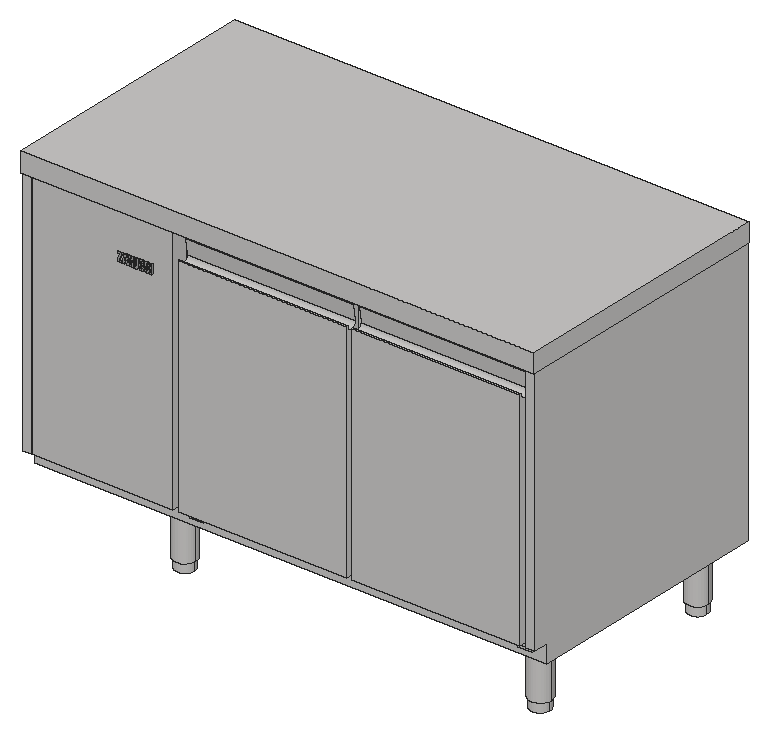
Revit family "QF_ZANUSSI_111067_ZH2KBAA", category Specialty Equipment, Revit 2018
Family settings
  Round Connector Dimension = Use Diameter
  Part Type = Normal
  Work Plane-Based = No
  Always vertical = Yes
  Cut with Voids When Loaded = No
  Shared = No
  Room Calculation Point = No
Parameters
  Weight = 0.00 kg
  Watts = 0.0455225 W
  Volts = 220 V
  URL Manufacturer = "http://www.zanussiprofessional.com/"
  URL = "http://www.zanussiprofessional.com/"
  Steam Supply Size = 0 mm
  Steam Supply Minimum Pressure = 0.0 Pa
  Steam Supply Maximum Pressure = 0.0 Pa
  Steam Pounds per Hour = 0
  Show Logo [instance] = yes
  Show Clearance [instance] = yes
  Refrigeration Suction Line Size = 0 mm
  Refrigeration Liquid Line Size = 0 mm
  Refrigerant Compressor Remote = yes
  Manufacturer = "Zanussi"
  Phase = 1
  Model = "ZH2KBAA"
  Length Actual = 1345 mm  # constant formula
  Item Number = "111067"
  Hot Water Size = 0 mm
  Height Actual = 900 mm  # constant formula
  HP = "0.7 HP"
  Gas Size = 0 mm
  Gas KW = 0
  Gas Input Pressure = 0 W
  Description = "2 DOORS FREEZER TABLE 290L"
  Depth Actual = 700 mm  # constant formula
  Cycle = 50 Hz
  Condensate Return Size = 0 mm
  Compressed Air Volume = 0.0 L/s
  Compressed Air Size = 0 mm
  Compressed Air Pressure = 0.0 Pa
  Cold Water Size = 0 mm
  Accessory = yes
Reference planes
  plane 1 "Center X": y = 182.5
  plane 2: z = 0
  plane 3 "Center Y": x = -126.5
  plane 4: y = -62.5
  plane 5: y = 451.5
  plane 6 "BACK": y = 532.5
  plane 7 "FRONT": y = -167.5
  plane 8: x = -452
  plane 9: x = 478
  plane 10: z = 150
  plane 11 "TOP": z = 900
  plane 12: z = 850
  plane 13 "LEFT": x = -797
  plane 14 "RIGHT": x = 544
  plane 15: x = -799
  plane 16: x = 546
Forms (mm)
  Extrusion 1, solid, material "QF_Finishes_Stainless Steel"
    sketch origin (-126.5, 2, 0) x (0, 1, 0) y (0, 0, 1)
      loop
        line (530.5, 150) -> (530.5, 850) -> (-124.5, 850) -> (-124.5, 150) -> (530.5, 150)
    from -670.5 to 670.5
  Extrusion 2, solid, material "QF_Finishes_Stainless Steel"
    sketch origin (-1022.223, -1524, 150) x (-1, 0, 0) y (0, -1, 0)
      loop
        line (-225.223, -1361.5) -> (-250.223, -1361.5) -> (-250.223, -1401.5) -> (-225.223, -1401.5) -> (-225.223, -1361.5)
      loop
        line (-1566.223, -1401.5) -> (-1541.223, -1401.5) -> (-1541.223, -1361.5) -> (-1566.223, -1361.5) -> (-1566.223, -1401.5)
    from 47 to 700
  Extrusion 3, solid, material "QF_Finishes_Stainless Steel"
    sketch origin (0, 0, 900) x (-1, 0, 0) y (0, -1, 0)
      loop
        circle (-57, -94.5) r 8.45
    from -790.577 to -750
  Extrusion 4, solid, material "QF_Finishes_Stainless Steel"
    sketch origin (0, 0, 0) x (1, 0, 0) y (0, 1, 0)
      loop
        circle (-713, 451.5) r 4
    from 109.423 to 150
  Extrusion 5, solid, material "QF_Finishes_Stainless Steel"
    sketch origin (-126.5, 0, 0) x (0, 1, 0) y (0, 0, 1)
      loop
        line (-167.5, 900) -> (-167.5, 850) -> (532.5, 850) -> (532.5, 900) -> (-167.5, 900)
    from 672.5 to -672.5
Cuts and joins
  joined: Extrusion 1, Extrusion 2
Lines and regions (mm)
  symbolic lines, style "SpecialityEquipmentHiddenLines"
    curve 1: line (-799, -122.5, 900) -> (546, -122.5, 900)
    curve 2: line (-396, -167.5, 900) -> (-396, -122.5, 900)
  symbolic lines, style "SpecialityEquipment"
    curve 3: line (-799, 532.5, 900) -> (546, 532.5, 900)
    curve 4: line (-799, 532.5, 900) -> (-799, -167.5, 900)
    curve 5: line (-799, -167.5, 900) -> (546, -167.5, 900)
    curve 6: line (546, -167.5, 900) -> (546, 532.5, 900)
Dimensions and locks
  locked: plane 6 "BACK" to plane 7 "FRONT" at 700
  equal spacing: plane 6 "BACK", plane 1 "Center X", plane 7 "FRONT"
  locked: plane 6 "BACK" to plane 5 at 81
  plane 10 to level = 150 mm
  plane 11 "TOP" to plane 12 to plane 10 = 50 mm locked, 700 mm locked
  locked: Extrusion 2 sketch curve to Extrusion 2 sketch curve at 25  (x2)
  locked: plane 4 to plane 7 "FRONT" at 105
  locked: plane 6 "BACK" to Extrusion 3 sketch curve at 438
  equal spacing: plane 13 "LEFT", plane 3 "Center Y", plane 14 "RIGHT"
  plane 15 to plane 16 = 1345 mm
  locked: plane 13 "LEFT" to plane 8 at 345
  locked: plane 9 to plane 14 "RIGHT" at 66
  locked: Extrusion 3 sketch curve to plane 14 "RIGHT" at 487
  plane 13 "LEFT" to Extrusion 4 sketch curve = 84 mm
  locked: plane 6 "BACK" to Extrusion 4 sketch curve at 81
  locked: plane 10 to Extrusion 4 at 40.577
  aligned and locked: level to plane 2
  aligned and locked: plane 10 to Extrusion 3
  aligned and locked: nested 4 to plane 4
  aligned and locked: nested 1 to plane 4
  aligned and locked: nested 3 to plane 5
  aligned and locked: nested 2 to plane 5
  aligned and locked: plane 8 to nested 1
  aligned and locked: plane 8 to nested 2
  aligned and locked: plane 9 to nested 4
  aligned and locked: plane 9 to nested 3
  aligned and locked: Extrusion 1 to Extrusion 2
  aligned and locked: Extrusion 2 to Extrusion 1
  aligned and locked: Extrusion 2 sketch curve to plane 14 "RIGHT"
  aligned and locked: plane 13 "LEFT" to Extrusion 2 sketch curve
  aligned and locked: cut or joined group of Extrusion 1, Extrusion 2 to plane 10
  aligned and locked: plane 12 to cut or joined group of Extrusion 1, Extrusion 2
  aligned and locked: plane 10 to Extrusion 4
  aligned and locked: Extrusion 5 sketch curve to plane 11 "TOP"
  aligned and locked: plane 7 "FRONT" to Extrusion 5 sketch curve
  aligned and locked: Extrusion 5 sketch curve to cut or joined group of Extrusion 1, Extrusion 2  (x2)
  aligned and locked: Extrusion 5 to curve 3
Automatic sketch dimensions
  plane 7 "FRONT" to Extrusion 2 sketch curve = 45 mm  (x2)
  plane 7 "FRONT" to Extrusion 2 sketch curve = 5 mm  (x2)
  curve 2 to plane 7 "FRONT" = 0 mm
  curve 5 to plane 15 = 0 mm
  curve 3 to plane 6 "BACK" = 0 mm
  plane 8 to curve 2 = 56 mm
  plane 7 "FRONT" to curve 1 = 45 mm
  Extrusion 1 sketch curve to plane 10 = 0 mm
  Extrusion 1 sketch curve to plane 12 = 0 mm
  Extrusion 1 sketch curve to plane 6 "BACK" = 0 mm
  plane 7 "FRONT" to Extrusion 1 sketch curve = 45 mm
  radius of Extrusion 3 sketch curve = 8.45 mm
  radius of Extrusion 4 sketch curve = 4 mm
Nested families
  nested 1: "Foot_Ø50_H150" at (-452, -62.5, 0), type "Foot_Ø50_H150"
  nested 2: "Foot_Ø50_H150" at (-452, 451.5, 0), type "Foot_Ø50_H150"
  nested 3: "Foot_Ø50_H150" at (478, 451.5, 0), type "Foot_Ø50_H150"
  nested 4: "Foot_Ø50_H150" at (478, -62.5, 0), type "Foot_Ø50_H150"
  nested 5: "Door" at (285, -164.5, 0), Show Clearance <- "Show Clearance", type "Door"
  nested 6: "Door" at (-169, -164.5, 0) x (-1, 0, 0) z (0, 0, 1), Show Clearance <- "Show Clearance", type "Door"
  nested 7: "Freezer" at (544, -167.5, 900), type "Freezer"
  nested 8: "ZAN_Cooling Unit" at (-587.5, -164.5, 0), Show Logo <- "Show Logo", type "ZAN_Cooling Unit"
Connectors
  electrical at (-713, 451.5, 109.423), driven by "Volts"
    settings: on Extrusion 4, index 4, voltage 220 V, apparent load 0 VA, apparent load phase1 0 VA, apparent load phase2 0 VA, apparent load phase3 0 VA, power factor 1, load classification "Altro", number of poles 1, system type 30, power factor state 1, is connector primary yes, connector utility no, sub classification motor no, connector description "Electrical Connection"
  piping at (57, 94.5, 109.423), diameter 17
    settings: on Extrusion 3, index 5, connector inside diameter 609.6 mm, connector length 0 mm, flow factor 0, pipe flow 0.0 L/s, pressure drop 0.0 Pa, fitting loss kfactor 0, connector angle 0.00°, fixture units 0, engagement length 0 mm, angle of deflection 0.00°, flow configuration 1, flow direction 2, fitting loss method 0, system type 16, joint type 0, gender type 0, connector reference index -1, connector utility 0, adjustable connector no, is connector primary yes, connector description "Drain"
Definition of nested family "Foot_Ø50_H150"
  Reference planes
    plane 1 "Centro (Fronte/Retro)": y = 0
    plane 2: z = 0
    plane 3 "Centro (Sinistra/Destra)": x = 0
    plane 4: z = 150
  Forms (mm)
    Revolve 1, solid
      sketch origin (255.05, 0, 608.09) x (0, 0, 1) y (-1, 0, 0)
        loop
          line (-608.09, 255.05) -> (-608.09, 230.05) -> (-583.09, 230.05) -> (-583.09, 226.05) -> (-458.09, 226.05) -> (-458.09, 255.05) -> (-608.09, 255.05)
        axis (-608.09, 255.05) -> (-458.09, 255.05)
      angle from 0 to 360
  Dimensions and locks
    locked: Revolve 1 sketch curve to Revolve 1 sketch curve at 125
    aligned and locked: level to plane 2
    aligned and locked: plane 4 to Revolve 1 sketch curve
    aligned and locked: Revolve 1 sketch curve to level
    aligned and locked: plane 3 "Centro (Sinistra/Destra)" to Revolve 1 sketch curve
Definition of nested family "Door"
  Parameters
    Show Clearance [instance] = yes
  Reference planes
    plane 1 "FRONT": y = -3
    plane 2: z = 0
    plane 3 "Centro (Sinistra/Destra)": x = 0
    plane 4: z = 150
    plane 5: z = 850
    plane 6: x = -234
    plane 7: x = 234
    plane 8: x = -220
    plane 9: x = 220
  Forms (mm)
    Extrusion 1, solid
      sketch origin (0, 53, 511) x (0, 0, 1) y (0, -1, 0)
        loop
          line (-323.003, 28.5) -> (-316.501, 28.5) -> (-316.501, 31) -> (-325.503, 31) -> (-325.503, 13.5) -> (-345.503, 13.5) -> (-345.503, 11) -> (-323.003, 11) -> (-323.003, 23.259) -> (-323.003, 28.5)
        loop
          line (-314, 27) -> (-316.501, 27) -> (-316.501, 18.501) -> (-319.752, 18.501) -> (-319.752, 16) -> (-314, 16) -> (-314, 27)
        loop
          line (315.003, 27) -> (315.003, 13.948) -> (315.003, 11) -> (327.503, 11) -> (327.503, 13.5) -> (317.503, 13.5) -> (317.503, 27) -> (315.003, 27)
      from 185 to 220
    Extrusion 2, solid, visible <- "Show Clearance", detail levels coarse
      sketch origin (0, 53, 511) x (0, -1, 0) y (1, 0, 0)
        loop
          line (51, 220) -> (51, -220)
          arc (51, -220) -> (339.234, -79.44) -> (454, 220) r 437.168
          line (454, 220) -> (51, 220)
      from -314 to 314
    Extrusion 3, solid
      sketch origin (0, 55, 511) x (0, 0, 1) y (0, -1, 0)
        loop
          line (314, 18) -> (314, 29) -> (274.395, 22.5)
          arc (274.395, 22.5) -> (260.395, 36.5) -> (274.395, 50.5) r 14
          line (274.395, 50.5) -> (274.395, 53) -> (-314, 53) -> (-314, 18) -> (314, 18)
      from -220 to 220
  Lines and regions (mm)
    symbolic lines
      curve 1: line (220, -3, 0) -> (220, -401, 0)
      curve 2: line (220, -401, 0) -> (185, -401, 0)
      curve 3: line (185, -401, 0) -> (185, -3, 0)
      curve 4: arc (-219.722, -3, 0) -> (-89.51, -275.368, 0) -> (185, -401, 0) r 442.855
  Dimensions and locks
    aligned and locked: level to plane 2
Definition of nested family "ZAN_Cooling Unit"
  Parameters
    Show Logo [instance] = yes
  Reference planes
    plane 1 "FRONT": y = -3
    plane 2: z = 0
    plane 3 "Centro (Sinistra/Destra)": x = 0
    plane 4: z = 150
    plane 5: z = 850
    plane 6: x = -184.5
    plane 7: x = 184.5
  Forms (mm)
    Extrusion 1, solid
      sketch origin (0, 55, 511) x (0, 0, 1) y (0, -1, 0)
        loop
          line (-314, 53) -> (-314, 13) -> (339, 13) -> (339, 53) -> (-314, 53)
      from -184.5 to 184.5
  Lines and regions (mm)
    Split face 1
      outline origin (0, 2, 197) x (0, 0, 1) y (-1, 0, 0)
        loop
          line (566.835, 184.5) -> (566.835, -184.5)
        loop
          line (521.835, 184.5) -> (521.835, -184.5)
    Split face 2
      outline origin (0, 2, 197) x (0, 0, 1) y (-1, 0, 0)
        loop
          arc (510.649, 158.547) -> (506.648, 162.548) -> (502.647, 158.547) r 4.001
          line (502.647, 158.547) -> (502.647, 116.535)
          arc (502.647, 116.535) -> (506.648, 112.533) -> (510.649, 116.535) r 4.001
          line (510.649, 116.535) -> (510.649, 158.547)
    Split face 3
      outline origin (0, 2, 184.996) x (0, 0, 1) y (-1, 0, 0)
        loop
          arc (510.649, 158.547) -> (506.648, 162.548) -> (502.647, 158.547) r 4.001
          line (502.647, 158.547) -> (502.647, 116.535)
          arc (502.647, 116.535) -> (506.648, 112.533) -> (510.649, 116.535) r 4.001
          line (510.649, 116.535) -> (510.649, 158.547)
    Split face 4
      outline origin (0, 2, 172.993) x (0, 0, 1) y (-1, 0, 0)
        loop
          arc (510.649, 158.547) -> (506.648, 162.548) -> (502.647, 158.547) r 4.001
          line (502.647, 158.547) -> (502.647, 116.535)
          arc (502.647, 116.535) -> (506.648, 112.533) -> (510.649, 116.535) r 4.001
          line (510.649, 116.535) -> (510.649, 158.547)
    Split face 5
      outline origin (0, 2, 160.989) x (0, 0, 1) y (-1, 0, 0)
        loop
          arc (510.649, 158.547) -> (506.648, 162.548) -> (502.647, 158.547) r 4.001
          line (502.647, 158.547) -> (502.647, 116.535)
          arc (502.647, 116.535) -> (506.648, 112.533) -> (510.649, 116.535) r 4.001
          line (510.649, 116.535) -> (510.649, 158.547)
    Split face 6
      outline origin (0, 2, 148.986) x (0, 0, 1) y (-1, 0, 0)
        loop
          arc (510.649, 158.547) -> (506.648, 162.548) -> (502.647, 158.547) r 4.001
          line (502.647, 158.547) -> (502.647, 116.535)
          arc (502.647, 116.535) -> (506.648, 112.533) -> (510.649, 116.535) r 4.001
          line (510.649, 116.535) -> (510.649, 158.547)
    Split face 7
      outline origin (0, 2, 136.982) x (0, 0, 1) y (-1, 0, 0)
        loop
          arc (510.649, 158.547) -> (506.648, 162.548) -> (502.647, 158.547) r 4.001
          line (502.647, 158.547) -> (502.647, 116.535)
          arc (502.647, 116.535) -> (506.648, 112.533) -> (510.649, 116.535) r 4.001
          line (510.649, 116.535) -> (510.649, 158.547)
    Split face 8
      outline origin (0, 2, 124.979) x (0, 0, 1) y (-1, 0, 0)
        loop
          arc (510.649, 158.547) -> (506.648, 162.548) -> (502.647, 158.547) r 4.001
          line (502.647, 158.547) -> (502.647, 116.535)
          arc (502.647, 116.535) -> (506.648, 112.533) -> (510.649, 116.535) r 4.001
          line (510.649, 116.535) -> (510.649, 158.547)
    Split face 9
      outline origin (0, 2, 112.975) x (0, 0, 1) y (-1, 0, 0)
        loop
          arc (510.649, 158.547) -> (506.648, 162.548) -> (502.647, 158.547) r 4.001
          line (502.647, 158.547) -> (502.647, 116.535)
          arc (502.647, 116.535) -> (506.648, 112.533) -> (510.649, 116.535) r 4.001
          line (510.649, 116.535) -> (510.649, 158.547)
    Split face 10
      outline origin (0, 2, 100.972) x (0, 0, 1) y (-1, 0, 0)
        loop
          arc (510.649, 158.547) -> (506.648, 162.548) -> (502.647, 158.547) r 4.001
          line (502.647, 158.547) -> (502.647, 116.535)
          arc (502.647, 116.535) -> (506.648, 112.533) -> (510.649, 116.535) r 4.001
          line (510.649, 116.535) -> (510.649, 158.547)
    Split face 11
      outline origin (0, 2, 88.968) x (0, 0, 1) y (-1, 0, 0)
        loop
          arc (510.649, 158.547) -> (506.648, 162.548) -> (502.647, 158.547) r 4.001
          line (502.647, 158.547) -> (502.647, 116.535)
          arc (502.647, 116.535) -> (506.648, 112.533) -> (510.649, 116.535) r 4.001
          line (510.649, 116.535) -> (510.649, 158.547)
    Split face 12
      outline origin (0, 2, 76.965) x (0, 0, 1) y (-1, 0, 0)
        loop
          arc (510.649, 158.547) -> (506.648, 162.548) -> (502.647, 158.547) r 4.001
          line (502.647, 158.547) -> (502.647, 116.535)
          arc (502.647, 116.535) -> (506.648, 112.533) -> (510.649, 116.535) r 4.001
          line (510.649, 116.535) -> (510.649, 158.547)
    Split face 13
      outline origin (0, 2, 64.961) x (0, 0, 1) y (-1, 0, 0)
        loop
          arc (510.649, 158.547) -> (506.648, 162.548) -> (502.647, 158.547) r 4.001
          line (502.647, 158.547) -> (502.647, 116.535)
          arc (502.647, 116.535) -> (506.648, 112.533) -> (510.649, 116.535) r 4.001
          line (510.649, 116.535) -> (510.649, 158.547)
    Split face 14
      outline origin (0, 2, 52.958) x (0, 0, 1) y (-1, 0, 0)
        loop
          arc (510.649, 158.547) -> (506.648, 162.548) -> (502.647, 158.547) r 4.001
          line (502.647, 158.547) -> (502.647, 116.535)
          arc (502.647, 116.535) -> (506.648, 112.533) -> (510.649, 116.535) r 4.001
          line (510.649, 116.535) -> (510.649, 158.547)
    Split face 15
      outline origin (0, 2, 40.954) x (0, 0, 1) y (-1, 0, 0)
        loop
          arc (510.649, 158.547) -> (506.648, 162.548) -> (502.647, 158.547) r 4.001
          line (502.647, 158.547) -> (502.647, 116.535)
          arc (502.647, 116.535) -> (506.648, 112.533) -> (510.649, 116.535) r 4.001
          line (510.649, 116.535) -> (510.649, 158.547)
    Split face 16
      outline origin (0, 2, 28.951) x (0, 0, 1) y (-1, 0, 0)
        loop
          arc (510.649, 158.547) -> (506.648, 162.548) -> (502.647, 158.547) r 4.001
          line (502.647, 158.547) -> (502.647, 116.535)
          arc (502.647, 116.535) -> (506.648, 112.533) -> (510.649, 116.535) r 4.001
          line (510.649, 116.535) -> (510.649, 158.547)
    Split face 17
      outline origin (0, 2, 16.947) x (0, 0, 1) y (-1, 0, 0)
        loop
          arc (510.649, 158.547) -> (506.648, 162.548) -> (502.647, 158.547) r 4.001
          line (502.647, 158.547) -> (502.647, 116.535)
          arc (502.647, 116.535) -> (506.648, 112.533) -> (510.649, 116.535) r 4.001
          line (510.649, 116.535) -> (510.649, 158.547)
    Split face 18
      outline origin (55.016, 2, 197) x (0, 0, 1) y (-1, 0, 0)
        loop
          arc (510.649, 158.547) -> (506.648, 162.548) -> (502.647, 158.547) r 4.001
          line (502.647, 158.547) -> (502.647, 116.535)
          arc (502.647, 116.535) -> (506.648, 112.533) -> (510.649, 116.535) r 4.001
          line (510.649, 116.535) -> (510.649, 158.547)
    Split face 19
      outline origin (55.016, 2, 184.996) x (0, 0, 1) y (-1, 0, 0)
        loop
          arc (510.649, 158.547) -> (506.648, 162.548) -> (502.647, 158.547) r 4.001
          line (502.647, 158.547) -> (502.647, 116.535)
          arc (502.647, 116.535) -> (506.648, 112.533) -> (510.649, 116.535) r 4.001
          line (510.649, 116.535) -> (510.649, 158.547)
    Split face 20
      outline origin (55.016, 2, 172.993) x (0, 0, 1) y (-1, 0, 0)
        loop
          arc (510.649, 158.547) -> (506.648, 162.548) -> (502.647, 158.547) r 4.001
          line (502.647, 158.547) -> (502.647, 116.535)
          arc (502.647, 116.535) -> (506.648, 112.533) -> (510.649, 116.535) r 4.001
          line (510.649, 116.535) -> (510.649, 158.547)
    Split face 21
      outline origin (55.016, 2, 160.989) x (0, 0, 1) y (-1, 0, 0)
        loop
          arc (510.649, 158.547) -> (506.648, 162.548) -> (502.647, 158.547) r 4.001
          line (502.647, 158.547) -> (502.647, 116.535)
          arc (502.647, 116.535) -> (506.648, 112.533) -> (510.649, 116.535) r 4.001
          line (510.649, 116.535) -> (510.649, 158.547)
    Split face 22
      outline origin (55.016, 2, 148.986) x (0, 0, 1) y (-1, 0, 0)
        loop
          arc (510.649, 158.547) -> (506.648, 162.548) -> (502.647, 158.547) r 4.001
          line (502.647, 158.547) -> (502.647, 116.535)
          arc (502.647, 116.535) -> (506.648, 112.533) -> (510.649, 116.535) r 4.001
          line (510.649, 116.535) -> (510.649, 158.547)
    Split face 23
      outline origin (55.016, 2, 136.982) x (0, 0, 1) y (-1, 0, 0)
        loop
          arc (510.649, 158.547) -> (506.648, 162.548) -> (502.647, 158.547) r 4.001
          line (502.647, 158.547) -> (502.647, 116.535)
          arc (502.647, 116.535) -> (506.648, 112.533) -> (510.649, 116.535) r 4.001
          line (510.649, 116.535) -> (510.649, 158.547)
    Split face 24
      outline origin (55.016, 2, 124.979) x (0, 0, 1) y (-1, 0, 0)
        loop
          arc (510.649, 158.547) -> (506.648, 162.548) -> (502.647, 158.547) r 4.001
          line (502.647, 158.547) -> (502.647, 116.535)
          arc (502.647, 116.535) -> (506.648, 112.533) -> (510.649, 116.535) r 4.001
          line (510.649, 116.535) -> (510.649, 158.547)
    Split face 25
      outline origin (55.016, 2, 112.975) x (0, 0, 1) y (-1, 0, 0)
        loop
          arc (510.649, 158.547) -> (506.648, 162.548) -> (502.647, 158.547) r 4.001
          line (502.647, 158.547) -> (502.647, 116.535)
          arc (502.647, 116.535) -> (506.648, 112.533) -> (510.649, 116.535) r 4.001
          line (510.649, 116.535) -> (510.649, 158.547)
    Split face 26
      outline origin (55.016, 2, 100.972) x (0, 0, 1) y (-1, 0, 0)
        loop
          arc (510.649, 158.547) -> (506.648, 162.548) -> (502.647, 158.547) r 4.001
          line (502.647, 158.547) -> (502.647, 116.535)
          arc (502.647, 116.535) -> (506.648, 112.533) -> (510.649, 116.535) r 4.001
          line (510.649, 116.535) -> (510.649, 158.547)
    Split face 27
      outline origin (55.016, 2, 88.968) x (0, 0, 1) y (-1, 0, 0)
        loop
          arc (510.649, 158.547) -> (506.648, 162.548) -> (502.647, 158.547) r 4.001
          line (502.647, 158.547) -> (502.647, 116.535)
          arc (502.647, 116.535) -> (506.648, 112.533) -> (510.649, 116.535) r 4.001
          line (510.649, 116.535) -> (510.649, 158.547)
    Split face 28
      outline origin (55.016, 2, 76.965) x (0, 0, 1) y (-1, 0, 0)
        loop
          arc (510.649, 158.547) -> (506.648, 162.548) -> (502.647, 158.547) r 4.001
          line (502.647, 158.547) -> (502.647, 116.535)
          arc (502.647, 116.535) -> (506.648, 112.533) -> (510.649, 116.535) r 4.001
          line (510.649, 116.535) -> (510.649, 158.547)
    Split face 29
      outline origin (55.016, 2, 64.961) x (0, 0, 1) y (-1, 0, 0)
        loop
          arc (510.649, 158.547) -> (506.648, 162.548) -> (502.647, 158.547) r 4.001
          line (502.647, 158.547) -> (502.647, 116.535)
          arc (502.647, 116.535) -> (506.648, 112.533) -> (510.649, 116.535) r 4.001
          line (510.649, 116.535) -> (510.649, 158.547)
    Split face 30
      outline origin (55.016, 2, 52.958) x (0, 0, 1) y (-1, 0, 0)
        loop
          arc (510.649, 158.547) -> (506.648, 162.548) -> (502.647, 158.547) r 4.001
          line (502.647, 158.547) -> (502.647, 116.535)
          arc (502.647, 116.535) -> (506.648, 112.533) -> (510.649, 116.535) r 4.001
          line (510.649, 116.535) -> (510.649, 158.547)
    Split face 31
      outline origin (55.016, 2, 40.954) x (0, 0, 1) y (-1, 0, 0)
        loop
          arc (510.649, 158.547) -> (506.648, 162.548) -> (502.647, 158.547) r 4.001
          line (502.647, 158.547) -> (502.647, 116.535)
          arc (502.647, 116.535) -> (506.648, 112.533) -> (510.649, 116.535) r 4.001
          line (510.649, 116.535) -> (510.649, 158.547)
    Split face 32
      outline origin (55.016, 2, 28.951) x (0, 0, 1) y (-1, 0, 0)
        loop
          arc (510.649, 158.547) -> (506.648, 162.548) -> (502.647, 158.547) r 4.001
          line (502.647, 158.547) -> (502.647, 116.535)
          arc (502.647, 116.535) -> (506.648, 112.533) -> (510.649, 116.535) r 4.001
          line (510.649, 116.535) -> (510.649, 158.547)
    Split face 33
      outline origin (55.016, 2, 16.947) x (0, 0, 1) y (-1, 0, 0)
        loop
          arc (510.649, 158.547) -> (506.648, 162.548) -> (502.647, 158.547) r 4.001
          line (502.647, 158.547) -> (502.647, 116.535)
          arc (502.647, 116.535) -> (506.648, 112.533) -> (510.649, 116.535) r 4.001
          line (510.649, 116.535) -> (510.649, 158.547)
    Split face 34
      outline origin (110.032, 2, 197) x (0, 0, 1) y (-1, 0, 0)
        loop
          arc (510.649, 158.547) -> (506.648, 162.548) -> (502.647, 158.547) r 4.001
          line (502.647, 158.547) -> (502.647, 116.535)
          arc (502.647, 116.535) -> (506.648, 112.533) -> (510.649, 116.535) r 4.001
          line (510.649, 116.535) -> (510.649, 158.547)
    Split face 35
      outline origin (110.032, 2, 184.996) x (0, 0, 1) y (-1, 0, 0)
        loop
          arc (510.649, 158.547) -> (506.648, 162.548) -> (502.647, 158.547) r 4.001
          line (502.647, 158.547) -> (502.647, 116.535)
          arc (502.647, 116.535) -> (506.648, 112.533) -> (510.649, 116.535) r 4.001
          line (510.649, 116.535) -> (510.649, 158.547)
    Split face 36
      outline origin (110.032, 2, 172.993) x (0, 0, 1) y (-1, 0, 0)
        loop
          arc (510.649, 158.547) -> (506.648, 162.548) -> (502.647, 158.547) r 4.001
          line (502.647, 158.547) -> (502.647, 116.535)
          arc (502.647, 116.535) -> (506.648, 112.533) -> (510.649, 116.535) r 4.001
          line (510.649, 116.535) -> (510.649, 158.547)
    Split face 37
      outline origin (110.032, 2, 160.989) x (0, 0, 1) y (-1, 0, 0)
        loop
          arc (510.649, 158.547) -> (506.648, 162.548) -> (502.647, 158.547) r 4.001
          line (502.647, 158.547) -> (502.647, 116.535)
          arc (502.647, 116.535) -> (506.648, 112.533) -> (510.649, 116.535) r 4.001
          line (510.649, 116.535) -> (510.649, 158.547)
    Split face 38
      outline origin (110.032, 2, 148.986) x (0, 0, 1) y (-1, 0, 0)
        loop
          arc (510.649, 158.547) -> (506.648, 162.548) -> (502.647, 158.547) r 4.001
          line (502.647, 158.547) -> (502.647, 116.535)
          arc (502.647, 116.535) -> (506.648, 112.533) -> (510.649, 116.535) r 4.001
          line (510.649, 116.535) -> (510.649, 158.547)
    Split face 39
      outline origin (110.032, 2, 136.982) x (0, 0, 1) y (-1, 0, 0)
        loop
          arc (510.649, 158.547) -> (506.648, 162.548) -> (502.647, 158.547) r 4.001
          line (502.647, 158.547) -> (502.647, 116.535)
          arc (502.647, 116.535) -> (506.648, 112.533) -> (510.649, 116.535) r 4.001
          line (510.649, 116.535) -> (510.649, 158.547)
    Split face 40
      outline origin (110.032, 2, 124.979) x (0, 0, 1) y (-1, 0, 0)
        loop
          arc (510.649, 158.547) -> (506.648, 162.548) -> (502.647, 158.547) r 4.001
          line (502.647, 158.547) -> (502.647, 116.535)
          arc (502.647, 116.535) -> (506.648, 112.533) -> (510.649, 116.535) r 4.001
          line (510.649, 116.535) -> (510.649, 158.547)
    Split face 41
      outline origin (110.032, 2, 112.975) x (0, 0, 1) y (-1, 0, 0)
        loop
          arc (510.649, 158.547) -> (506.648, 162.548) -> (502.647, 158.547) r 4.001
          line (502.647, 158.547) -> (502.647, 116.535)
          arc (502.647, 116.535) -> (506.648, 112.533) -> (510.649, 116.535) r 4.001
          line (510.649, 116.535) -> (510.649, 158.547)
    Split face 42
      outline origin (110.032, 2, 100.972) x (0, 0, 1) y (-1, 0, 0)
        loop
          arc (510.649, 158.547) -> (506.648, 162.548) -> (502.647, 158.547) r 4.001
          line (502.647, 158.547) -> (502.647, 116.535)
          arc (502.647, 116.535) -> (506.648, 112.533) -> (510.649, 116.535) r 4.001
          line (510.649, 116.535) -> (510.649, 158.547)
    Split face 43
      outline origin (110.032, 2, 88.968) x (0, 0, 1) y (-1, 0, 0)
        loop
          arc (510.649, 158.547) -> (506.648, 162.548) -> (502.647, 158.547) r 4.001
          line (502.647, 158.547) -> (502.647, 116.535)
          arc (502.647, 116.535) -> (506.648, 112.533) -> (510.649, 116.535) r 4.001
          line (510.649, 116.535) -> (510.649, 158.547)
    Split face 44
      outline origin (110.032, 2, 76.965) x (0, 0, 1) y (-1, 0, 0)
        loop
          arc (510.649, 158.547) -> (506.648, 162.548) -> (502.647, 158.547) r 4.001
          line (502.647, 158.547) -> (502.647, 116.535)
          arc (502.647, 116.535) -> (506.648, 112.533) -> (510.649, 116.535) r 4.001
          line (510.649, 116.535) -> (510.649, 158.547)
    Split face 45
      outline origin (110.032, 2, 64.961) x (0, 0, 1) y (-1, 0, 0)
        loop
          arc (510.649, 158.547) -> (506.648, 162.548) -> (502.647, 158.547) r 4.001
          line (502.647, 158.547) -> (502.647, 116.535)
          arc (502.647, 116.535) -> (506.648, 112.533) -> (510.649, 116.535) r 4.001
          line (510.649, 116.535) -> (510.649, 158.547)
    Split face 46
      outline origin (110.032, 2, 52.958) x (0, 0, 1) y (-1, 0, 0)
        loop
          arc (510.649, 158.547) -> (506.648, 162.548) -> (502.647, 158.547) r 4.001
          line (502.647, 158.547) -> (502.647, 116.535)
          arc (502.647, 116.535) -> (506.648, 112.533) -> (510.649, 116.535) r 4.001
          line (510.649, 116.535) -> (510.649, 158.547)
    Split face 47
      outline origin (110.032, 2, 40.954) x (0, 0, 1) y (-1, 0, 0)
        loop
          arc (510.649, 158.547) -> (506.648, 162.548) -> (502.647, 158.547) r 4.001
          line (502.647, 158.547) -> (502.647, 116.535)
          arc (502.647, 116.535) -> (506.648, 112.533) -> (510.649, 116.535) r 4.001
          line (510.649, 116.535) -> (510.649, 158.547)
    Split face 48
      outline origin (110.032, 2, 28.951) x (0, 0, 1) y (-1, 0, 0)
        loop
          arc (510.649, 158.547) -> (506.648, 162.548) -> (502.647, 158.547) r 4.001
          line (502.647, 158.547) -> (502.647, 116.535)
          arc (502.647, 116.535) -> (506.648, 112.533) -> (510.649, 116.535) r 4.001
          line (510.649, 116.535) -> (510.649, 158.547)
    Split face 49
      outline origin (110.032, 2, 16.947) x (0, 0, 1) y (-1, 0, 0)
        loop
          arc (510.649, 158.547) -> (506.648, 162.548) -> (502.647, 158.547) r 4.001
          line (502.647, 158.547) -> (502.647, 116.535)
          arc (502.647, 116.535) -> (506.648, 112.533) -> (510.649, 116.535) r 4.001
          line (510.649, 116.535) -> (510.649, 158.547)
    Split face 50
      outline origin (165.048, 2, 197) x (0, 0, 1) y (-1, 0, 0)
        loop
          arc (510.649, 158.547) -> (506.648, 162.548) -> (502.647, 158.547) r 4.001
          line (502.647, 158.547) -> (502.647, 116.535)
          arc (502.647, 116.535) -> (506.648, 112.533) -> (510.649, 116.535) r 4.001
          line (510.649, 116.535) -> (510.649, 158.547)
    Split face 51
      outline origin (165.048, 2, 184.996) x (0, 0, 1) y (-1, 0, 0)
        loop
          arc (510.649, 158.547) -> (506.648, 162.548) -> (502.647, 158.547) r 4.001
          line (502.647, 158.547) -> (502.647, 116.535)
          arc (502.647, 116.535) -> (506.648, 112.533) -> (510.649, 116.535) r 4.001
          line (510.649, 116.535) -> (510.649, 158.547)
    Split face 52
      outline origin (165.048, 2, 172.993) x (0, 0, 1) y (-1, 0, 0)
        loop
          arc (510.649, 158.547) -> (506.648, 162.548) -> (502.647, 158.547) r 4.001
          line (502.647, 158.547) -> (502.647, 116.535)
          arc (502.647, 116.535) -> (506.648, 112.533) -> (510.649, 116.535) r 4.001
          line (510.649, 116.535) -> (510.649, 158.547)
    Split face 53
      outline origin (165.048, 2, 160.989) x (0, 0, 1) y (-1, 0, 0)
        loop
          arc (510.649, 158.547) -> (506.648, 162.548) -> (502.647, 158.547) r 4.001
          line (502.647, 158.547) -> (502.647, 116.535)
          arc (502.647, 116.535) -> (506.648, 112.533) -> (510.649, 116.535) r 4.001
          line (510.649, 116.535) -> (510.649, 158.547)
    Split face 54
      outline origin (165.048, 2, 148.986) x (0, 0, 1) y (-1, 0, 0)
        loop
          arc (510.649, 158.547) -> (506.648, 162.548) -> (502.647, 158.547) r 4.001
          line (502.647, 158.547) -> (502.647, 116.535)
          arc (502.647, 116.535) -> (506.648, 112.533) -> (510.649, 116.535) r 4.001
          line (510.649, 116.535) -> (510.649, 158.547)
    Split face 55
      outline origin (165.048, 2, 136.982) x (0, 0, 1) y (-1, 0, 0)
        loop
          arc (510.649, 158.547) -> (506.648, 162.548) -> (502.647, 158.547) r 4.001
          line (502.647, 158.547) -> (502.647, 116.535)
          arc (502.647, 116.535) -> (506.648, 112.533) -> (510.649, 116.535) r 4.001
          line (510.649, 116.535) -> (510.649, 158.547)
    Split face 56
      outline origin (165.048, 2, 124.979) x (0, 0, 1) y (-1, 0, 0)
        loop
          arc (510.649, 158.547) -> (506.648, 162.548) -> (502.647, 158.547) r 4.001
          line (502.647, 158.547) -> (502.647, 116.535)
          arc (502.647, 116.535) -> (506.648, 112.533) -> (510.649, 116.535) r 4.001
          line (510.649, 116.535) -> (510.649, 158.547)
    Split face 57
      outline origin (165.048, 2, 112.975) x (0, 0, 1) y (-1, 0, 0)
        loop
          arc (510.649, 158.547) -> (506.648, 162.548) -> (502.647, 158.547) r 4.001
          line (502.647, 158.547) -> (502.647, 116.535)
          arc (502.647, 116.535) -> (506.648, 112.533) -> (510.649, 116.535) r 4.001
          line (510.649, 116.535) -> (510.649, 158.547)
    Split face 58
      outline origin (165.048, 2, 100.972) x (0, 0, 1) y (-1, 0, 0)
        loop
          arc (510.649, 158.547) -> (506.648, 162.548) -> (502.647, 158.547) r 4.001
          line (502.647, 158.547) -> (502.647, 116.535)
          arc (502.647, 116.535) -> (506.648, 112.533) -> (510.649, 116.535) r 4.001
          line (510.649, 116.535) -> (510.649, 158.547)
    Split face 59
      outline origin (165.048, 2, 88.968) x (0, 0, 1) y (-1, 0, 0)
        loop
          arc (510.649, 158.547) -> (506.648, 162.548) -> (502.647, 158.547) r 4.001
          line (502.647, 158.547) -> (502.647, 116.535)
          arc (502.647, 116.535) -> (506.648, 112.533) -> (510.649, 116.535) r 4.001
          line (510.649, 116.535) -> (510.649, 158.547)
    Split face 60
      outline origin (165.048, 2, 76.965) x (0, 0, 1) y (-1, 0, 0)
        loop
          arc (510.649, 158.547) -> (506.648, 162.548) -> (502.647, 158.547) r 4.001
          line (502.647, 158.547) -> (502.647, 116.535)
          arc (502.647, 116.535) -> (506.648, 112.533) -> (510.649, 116.535) r 4.001
          line (510.649, 116.535) -> (510.649, 158.547)
    Split face 61
      outline origin (165.048, 2, 64.961) x (0, 0, 1) y (-1, 0, 0)
        loop
          arc (510.649, 158.547) -> (506.648, 162.548) -> (502.647, 158.547) r 4.001
          line (502.647, 158.547) -> (502.647, 116.535)
          arc (502.647, 116.535) -> (506.648, 112.533) -> (510.649, 116.535) r 4.001
          line (510.649, 116.535) -> (510.649, 158.547)
    Split face 62
      outline origin (165.048, 2, 52.958) x (0, 0, 1) y (-1, 0, 0)
        loop
          arc (510.649, 158.547) -> (506.648, 162.548) -> (502.647, 158.547) r 4.001
          line (502.647, 158.547) -> (502.647, 116.535)
          arc (502.647, 116.535) -> (506.648, 112.533) -> (510.649, 116.535) r 4.001
          line (510.649, 116.535) -> (510.649, 158.547)
    Split face 63
      outline origin (165.048, 2, 40.954) x (0, 0, 1) y (-1, 0, 0)
        loop
          arc (510.649, 158.547) -> (506.648, 162.548) -> (502.647, 158.547) r 4.001
          line (502.647, 158.547) -> (502.647, 116.535)
          arc (502.647, 116.535) -> (506.648, 112.533) -> (510.649, 116.535) r 4.001
          line (510.649, 116.535) -> (510.649, 158.547)
    Split face 64
      outline origin (165.048, 2, 28.951) x (0, 0, 1) y (-1, 0, 0)
        loop
          arc (510.649, 158.547) -> (506.648, 162.548) -> (502.647, 158.547) r 4.001
          line (502.647, 158.547) -> (502.647, 116.535)
          arc (502.647, 116.535) -> (506.648, 112.533) -> (510.649, 116.535) r 4.001
          line (510.649, 116.535) -> (510.649, 158.547)
    Split face 65
      outline origin (165.048, 2, 16.947) x (0, 0, 1) y (-1, 0, 0)
        loop
          arc (510.649, 158.547) -> (506.648, 162.548) -> (502.647, 158.547) r 4.001
          line (502.647, 158.547) -> (502.647, 116.535)
          arc (502.647, 116.535) -> (506.648, 112.533) -> (510.649, 116.535) r 4.001
          line (510.649, 116.535) -> (510.649, 158.547)
    Split face 66
      outline origin (220.064, 2, 197) x (0, 0, 1) y (-1, 0, 0)
        loop
          arc (510.649, 158.547) -> (506.648, 162.548) -> (502.647, 158.547) r 4.001
          line (502.647, 158.547) -> (502.647, 116.535)
          arc (502.647, 116.535) -> (506.648, 112.533) -> (510.649, 116.535) r 4.001
          line (510.649, 116.535) -> (510.649, 158.547)
    Split face 67
      outline origin (220.064, 2, 184.996) x (0, 0, 1) y (-1, 0, 0)
        loop
          arc (510.649, 158.547) -> (506.648, 162.548) -> (502.647, 158.547) r 4.001
          line (502.647, 158.547) -> (502.647, 116.535)
          arc (502.647, 116.535) -> (506.648, 112.533) -> (510.649, 116.535) r 4.001
          line (510.649, 116.535) -> (510.649, 158.547)
    Split face 68
      outline origin (220.064, 2, 172.993) x (0, 0, 1) y (-1, 0, 0)
        loop
          arc (510.649, 158.547) -> (506.648, 162.548) -> (502.647, 158.547) r 4.001
          line (502.647, 158.547) -> (502.647, 116.535)
          arc (502.647, 116.535) -> (506.648, 112.533) -> (510.649, 116.535) r 4.001
          line (510.649, 116.535) -> (510.649, 158.547)
    Split face 69
      outline origin (220.064, 2, 160.989) x (0, 0, 1) y (-1, 0, 0)
        loop
          arc (510.649, 158.547) -> (506.648, 162.548) -> (502.647, 158.547) r 4.001
          line (502.647, 158.547) -> (502.647, 116.535)
          arc (502.647, 116.535) -> (506.648, 112.533) -> (510.649, 116.535) r 4.001
          line (510.649, 116.535) -> (510.649, 158.547)
    Split face 70
      outline origin (220.064, 2, 148.986) x (0, 0, 1) y (-1, 0, 0)
        loop
          arc (510.649, 158.547) -> (506.648, 162.548) -> (502.647, 158.547) r 4.001
          line (502.647, 158.547) -> (502.647, 116.535)
          arc (502.647, 116.535) -> (506.648, 112.533) -> (510.649, 116.535) r 4.001
          line (510.649, 116.535) -> (510.649, 158.547)
    Split face 71
      outline origin (220.064, 2, 136.982) x (0, 0, 1) y (-1, 0, 0)
        loop
          arc (510.649, 158.547) -> (506.648, 162.548) -> (502.647, 158.547) r 4.001
          line (502.647, 158.547) -> (502.647, 116.535)
          arc (502.647, 116.535) -> (506.648, 112.533) -> (510.649, 116.535) r 4.001
          line (510.649, 116.535) -> (510.649, 158.547)
    Split face 72
      outline origin (220.064, 2, 124.979) x (0, 0, 1) y (-1, 0, 0)
        loop
          arc (510.649, 158.547) -> (506.648, 162.548) -> (502.647, 158.547) r 4.001
          line (502.647, 158.547) -> (502.647, 116.535)
          arc (502.647, 116.535) -> (506.648, 112.533) -> (510.649, 116.535) r 4.001
          line (510.649, 116.535) -> (510.649, 158.547)
    Split face 73
      outline origin (220.064, 2, 112.975) x (0, 0, 1) y (-1, 0, 0)
        loop
          arc (510.649, 158.547) -> (506.648, 162.548) -> (502.647, 158.547) r 4.001
          line (502.647, 158.547) -> (502.647, 116.535)
          arc (502.647, 116.535) -> (506.648, 112.533) -> (510.649, 116.535) r 4.001
          line (510.649, 116.535) -> (510.649, 158.547)
    Split face 74
      outline origin (220.064, 2, 100.972) x (0, 0, 1) y (-1, 0, 0)
        loop
          arc (510.649, 158.547) -> (506.648, 162.548) -> (502.647, 158.547) r 4.001
          line (502.647, 158.547) -> (502.647, 116.535)
          arc (502.647, 116.535) -> (506.648, 112.533) -> (510.649, 116.535) r 4.001
          line (510.649, 116.535) -> (510.649, 158.547)
    Split face 75
      outline origin (220.064, 2, 88.968) x (0, 0, 1) y (-1, 0, 0)
        loop
          arc (510.649, 158.547) -> (506.648, 162.548) -> (502.647, 158.547) r 4.001
          line (502.647, 158.547) -> (502.647, 116.535)
          arc (502.647, 116.535) -> (506.648, 112.533) -> (510.649, 116.535) r 4.001
          line (510.649, 116.535) -> (510.649, 158.547)
    Split face 76
      outline origin (220.064, 2, 76.965) x (0, 0, 1) y (-1, 0, 0)
        loop
          arc (510.649, 158.547) -> (506.648, 162.548) -> (502.647, 158.547) r 4.001
          line (502.647, 158.547) -> (502.647, 116.535)
          arc (502.647, 116.535) -> (506.648, 112.533) -> (510.649, 116.535) r 4.001
          line (510.649, 116.535) -> (510.649, 158.547)
    Split face 77
      outline origin (220.064, 2, 64.961) x (0, 0, 1) y (-1, 0, 0)
        loop
          arc (510.649, 158.547) -> (506.648, 162.548) -> (502.647, 158.547) r 4.001
          line (502.647, 158.547) -> (502.647, 116.535)
          arc (502.647, 116.535) -> (506.648, 112.533) -> (510.649, 116.535) r 4.001
          line (510.649, 116.535) -> (510.649, 158.547)
    Split face 78
      outline origin (220.064, 2, 52.958) x (0, 0, 1) y (-1, 0, 0)
        loop
          arc (510.649, 158.547) -> (506.648, 162.548) -> (502.647, 158.547) r 4.001
          line (502.647, 158.547) -> (502.647, 116.535)
          arc (502.647, 116.535) -> (506.648, 112.533) -> (510.649, 116.535) r 4.001
          line (510.649, 116.535) -> (510.649, 158.547)
    Split face 79
      outline origin (220.064, 2, 40.954) x (0, 0, 1) y (-1, 0, 0)
        loop
          arc (510.649, 158.547) -> (506.648, 162.548) -> (502.647, 158.547) r 4.001
          line (502.647, 158.547) -> (502.647, 116.535)
          arc (502.647, 116.535) -> (506.648, 112.533) -> (510.649, 116.535) r 4.001
          line (510.649, 116.535) -> (510.649, 158.547)
    Split face 80
      outline origin (220.064, 2, 28.951) x (0, 0, 1) y (-1, 0, 0)
        loop
          arc (510.649, 158.547) -> (506.648, 162.548) -> (502.647, 158.547) r 4.001
          line (502.647, 158.547) -> (502.647, 116.535)
          arc (502.647, 116.535) -> (506.648, 112.533) -> (510.649, 116.535) r 4.001
          line (510.649, 116.535) -> (510.649, 158.547)
    Split face 81
      outline origin (220.064, 2, 16.947) x (0, 0, 1) y (-1, 0, 0)
        loop
          arc (510.649, 158.547) -> (506.648, 162.548) -> (502.647, 158.547) r 4.001
          line (502.647, 158.547) -> (502.647, 116.535)
          arc (502.647, 116.535) -> (506.648, 112.533) -> (510.649, 116.535) r 4.001
          line (510.649, 116.535) -> (510.649, 158.547)
    Split face 82
      outline origin (275.081, 2, 197) x (0, 0, 1) y (-1, 0, 0)
        loop
          arc (510.649, 158.547) -> (506.648, 162.548) -> (502.647, 158.547) r 4.001
          line (502.647, 158.547) -> (502.647, 116.535)
          arc (502.647, 116.535) -> (506.648, 112.533) -> (510.649, 116.535) r 4.001
          line (510.649, 116.535) -> (510.649, 158.547)
    Split face 83
      outline origin (275.081, 2, 184.996) x (0, 0, 1) y (-1, 0, 0)
        loop
          arc (510.649, 158.547) -> (506.648, 162.548) -> (502.647, 158.547) r 4.001
          line (502.647, 158.547) -> (502.647, 116.535)
          arc (502.647, 116.535) -> (506.648, 112.533) -> (510.649, 116.535) r 4.001
          line (510.649, 116.535) -> (510.649, 158.547)
    Split face 84
      outline origin (275.081, 2, 172.993) x (0, 0, 1) y (-1, 0, 0)
        loop
          arc (510.649, 158.547) -> (506.648, 162.548) -> (502.647, 158.547) r 4.001
          line (502.647, 158.547) -> (502.647, 116.535)
          arc (502.647, 116.535) -> (506.648, 112.533) -> (510.649, 116.535) r 4.001
          line (510.649, 116.535) -> (510.649, 158.547)
    Split face 85
      outline origin (275.081, 2, 160.989) x (0, 0, 1) y (-1, 0, 0)
        loop
          arc (510.649, 158.547) -> (506.648, 162.548) -> (502.647, 158.547) r 4.001
          line (502.647, 158.547) -> (502.647, 116.535)
          arc (502.647, 116.535) -> (506.648, 112.533) -> (510.649, 116.535) r 4.001
          line (510.649, 116.535) -> (510.649, 158.547)
    Split face 86
      outline origin (275.081, 2, 148.986) x (0, 0, 1) y (-1, 0, 0)
        loop
          arc (510.649, 158.547) -> (506.648, 162.548) -> (502.647, 158.547) r 4.001
          line (502.647, 158.547) -> (502.647, 116.535)
          arc (502.647, 116.535) -> (506.648, 112.533) -> (510.649, 116.535) r 4.001
          line (510.649, 116.535) -> (510.649, 158.547)
    Split face 87
      outline origin (275.081, 2, 136.982) x (0, 0, 1) y (-1, 0, 0)
        loop
          arc (510.649, 158.547) -> (506.648, 162.548) -> (502.647, 158.547) r 4.001
          line (502.647, 158.547) -> (502.647, 116.535)
          arc (502.647, 116.535) -> (506.648, 112.533) -> (510.649, 116.535) r 4.001
          line (510.649, 116.535) -> (510.649, 158.547)
    Split face 88
      outline origin (275.081, 2, 124.979) x (0, 0, 1) y (-1, 0, 0)
        loop
          arc (510.649, 158.547) -> (506.648, 162.548) -> (502.647, 158.547) r 4.001
          line (502.647, 158.547) -> (502.647, 116.535)
          arc (502.647, 116.535) -> (506.648, 112.533) -> (510.649, 116.535) r 4.001
          line (510.649, 116.535) -> (510.649, 158.547)
    Split face 89
      outline origin (275.081, 2, 112.975) x (0, 0, 1) y (-1, 0, 0)
        loop
          arc (510.649, 158.547) -> (506.648, 162.548) -> (502.647, 158.547) r 4.001
          line (502.647, 158.547) -> (502.647, 116.535)
          arc (502.647, 116.535) -> (506.648, 112.533) -> (510.649, 116.535) r 4.001
          line (510.649, 116.535) -> (510.649, 158.547)
    Split face 90
      outline origin (275.081, 2, 100.972) x (0, 0, 1) y (-1, 0, 0)
        loop
          arc (510.649, 158.547) -> (506.648, 162.548) -> (502.647, 158.547) r 4.001
          line (502.647, 158.547) -> (502.647, 116.535)
          arc (502.647, 116.535) -> (506.648, 112.533) -> (510.649, 116.535) r 4.001
          line (510.649, 116.535) -> (510.649, 158.547)
    Split face 91
      outline origin (275.081, 2, 88.968) x (0, 0, 1) y (-1, 0, 0)
        loop
          arc (510.649, 158.547) -> (506.648, 162.548) -> (502.647, 158.547) r 4.001
          line (502.647, 158.547) -> (502.647, 116.535)
          arc (502.647, 116.535) -> (506.648, 112.533) -> (510.649, 116.535) r 4.001
          line (510.649, 116.535) -> (510.649, 158.547)
    Split face 92
      outline origin (275.081, 2, 76.965) x (0, 0, 1) y (-1, 0, 0)
        loop
          arc (510.649, 158.547) -> (506.648, 162.548) -> (502.647, 158.547) r 4.001
          line (502.647, 158.547) -> (502.647, 116.535)
          arc (502.647, 116.535) -> (506.648, 112.533) -> (510.649, 116.535) r 4.001
          line (510.649, 116.535) -> (510.649, 158.547)
    Split face 93
      outline origin (275.081, 2, 64.961) x (0, 0, 1) y (-1, 0, 0)
        loop
          arc (510.649, 158.547) -> (506.648, 162.548) -> (502.647, 158.547) r 4.001
          line (502.647, 158.547) -> (502.647, 116.535)
          arc (502.647, 116.535) -> (506.648, 112.533) -> (510.649, 116.535) r 4.001
          line (510.649, 116.535) -> (510.649, 158.547)
    Split face 94
      outline origin (275.081, 2, 52.958) x (0, 0, 1) y (-1, 0, 0)
        loop
          arc (510.649, 158.547) -> (506.648, 162.548) -> (502.647, 158.547) r 4.001
          line (502.647, 158.547) -> (502.647, 116.535)
          arc (502.647, 116.535) -> (506.648, 112.533) -> (510.649, 116.535) r 4.001
          line (510.649, 116.535) -> (510.649, 158.547)
    Split face 95
      outline origin (275.081, 2, 40.954) x (0, 0, 1) y (-1, 0, 0)
        loop
          arc (510.649, 158.547) -> (506.648, 162.548) -> (502.647, 158.547) r 4.001
          line (502.647, 158.547) -> (502.647, 116.535)
          arc (502.647, 116.535) -> (506.648, 112.533) -> (510.649, 116.535) r 4.001
          line (510.649, 116.535) -> (510.649, 158.547)
    Split face 96
      outline origin (275.081, 2, 28.951) x (0, 0, 1) y (-1, 0, 0)
        loop
          arc (510.649, 158.547) -> (506.648, 162.548) -> (502.647, 158.547) r 4.001
          line (502.647, 158.547) -> (502.647, 116.535)
          arc (502.647, 116.535) -> (506.648, 112.533) -> (510.649, 116.535) r 4.001
          line (510.649, 116.535) -> (510.649, 158.547)
    Split face 97
      outline origin (275.081, 2, 16.947) x (0, 0, 1) y (-1, 0, 0)
        loop
          arc (510.649, 158.547) -> (506.648, 162.548) -> (502.647, 158.547) r 4.001
          line (502.647, 158.547) -> (502.647, 116.535)
          arc (502.647, 116.535) -> (506.648, 112.533) -> (510.649, 116.535) r 4.001
          line (510.649, 116.535) -> (510.649, 158.547)
    Split face 98
      outline origin (0, 2, -113.091) x (0, 0, 1) y (-1, 0, 0)
        loop
          arc (510.649, 158.547) -> (506.648, 162.548) -> (502.647, 158.547) r 4.001
          line (502.647, 158.547) -> (502.647, 116.535)
          arc (502.647, 116.535) -> (506.648, 112.533) -> (510.649, 116.535) r 4.001
          line (510.649, 116.535) -> (510.649, 158.547)
    Split face 99
      outline origin (0, 2, -125.094) x (0, 0, 1) y (-1, 0, 0)
        loop
          arc (510.649, 158.547) -> (506.648, 162.548) -> (502.647, 158.547) r 4.001
          line (502.647, 158.547) -> (502.647, 116.535)
          arc (502.647, 116.535) -> (506.648, 112.533) -> (510.649, 116.535) r 4.001
          line (510.649, 116.535) -> (510.649, 158.547)
    Split face 100
      outline origin (0, 2, -137.098) x (0, 0, 1) y (-1, 0, 0)
        loop
          arc (510.649, 158.547) -> (506.648, 162.548) -> (502.647, 158.547) r 4.001
          line (502.647, 158.547) -> (502.647, 116.535)
          arc (502.647, 116.535) -> (506.648, 112.533) -> (510.649, 116.535) r 4.001
          line (510.649, 116.535) -> (510.649, 158.547)
    Split face 101
      outline origin (0, 2, -149.101) x (0, 0, 1) y (-1, 0, 0)
        loop
          arc (510.649, 158.547) -> (506.648, 162.548) -> (502.647, 158.547) r 4.001
          line (502.647, 158.547) -> (502.647, 116.535)
          arc (502.647, 116.535) -> (506.648, 112.533) -> (510.649, 116.535) r 4.001
          line (510.649, 116.535) -> (510.649, 158.547)
    Split face 102
      outline origin (0, 2, -161.105) x (0, 0, 1) y (-1, 0, 0)
        loop
          arc (510.649, 158.547) -> (506.648, 162.548) -> (502.647, 158.547) r 4.001
          line (502.647, 158.547) -> (502.647, 116.535)
          arc (502.647, 116.535) -> (506.648, 112.533) -> (510.649, 116.535) r 4.001
          line (510.649, 116.535) -> (510.649, 158.547)
    Split face 103
      outline origin (0, 2, -173.108) x (0, 0, 1) y (-1, 0, 0)
        loop
          arc (510.649, 158.547) -> (506.648, 162.548) -> (502.647, 158.547) r 4.001
          line (502.647, 158.547) -> (502.647, 116.535)
          arc (502.647, 116.535) -> (506.648, 112.533) -> (510.649, 116.535) r 4.001
          line (510.649, 116.535) -> (510.649, 158.547)
    Split face 104
      outline origin (0, 2, -185.112) x (0, 0, 1) y (-1, 0, 0)
        loop
          arc (510.649, 158.547) -> (506.648, 162.548) -> (502.647, 158.547) r 4.001
          line (502.647, 158.547) -> (502.647, 116.535)
          arc (502.647, 116.535) -> (506.648, 112.533) -> (510.649, 116.535) r 4.001
          line (510.649, 116.535) -> (510.649, 158.547)
    Split face 105
      outline origin (0, 2, -197.115) x (0, 0, 1) y (-1, 0, 0)
        loop
          arc (510.649, 158.547) -> (506.648, 162.548) -> (502.647, 158.547) r 4.001
          line (502.647, 158.547) -> (502.647, 116.535)
          arc (502.647, 116.535) -> (506.648, 112.533) -> (510.649, 116.535) r 4.001
          line (510.649, 116.535) -> (510.649, 158.547)
    Split face 106
      outline origin (0, 2, -209.119) x (0, 0, 1) y (-1, 0, 0)
        loop
          arc (510.649, 158.547) -> (506.648, 162.548) -> (502.647, 158.547) r 4.001
          line (502.647, 158.547) -> (502.647, 116.535)
          arc (502.647, 116.535) -> (506.648, 112.533) -> (510.649, 116.535) r 4.001
          line (510.649, 116.535) -> (510.649, 158.547)
    Split face 107
      outline origin (0, 2, -221.122) x (0, 0, 1) y (-1, 0, 0)
        loop
          arc (510.649, 158.547) -> (506.648, 162.548) -> (502.647, 158.547) r 4.001
          line (502.647, 158.547) -> (502.647, 116.535)
          arc (502.647, 116.535) -> (506.648, 112.533) -> (510.649, 116.535) r 4.001
          line (510.649, 116.535) -> (510.649, 158.547)
    Split face 108
      outline origin (0, 2, -233.126) x (0, 0, 1) y (-1, 0, 0)
        loop
          arc (510.649, 158.547) -> (506.648, 162.548) -> (502.647, 158.547) r 4.001
          line (502.647, 158.547) -> (502.647, 116.535)
          arc (502.647, 116.535) -> (506.648, 112.533) -> (510.649, 116.535) r 4.001
          line (510.649, 116.535) -> (510.649, 158.547)
    Split face 109
      outline origin (0, 2, -245.129) x (0, 0, 1) y (-1, 0, 0)
        loop
          arc (510.649, 158.547) -> (506.648, 162.548) -> (502.647, 158.547) r 4.001
          line (502.647, 158.547) -> (502.647, 116.535)
          arc (502.647, 116.535) -> (506.648, 112.533) -> (510.649, 116.535) r 4.001
          line (510.649, 116.535) -> (510.649, 158.547)
    Split face 110
      outline origin (0, 2, -257.133) x (0, 0, 1) y (-1, 0, 0)
        loop
          arc (510.649, 158.547) -> (506.648, 162.548) -> (502.647, 158.547) r 4.001
          line (502.647, 158.547) -> (502.647, 116.535)
          arc (502.647, 116.535) -> (506.648, 112.533) -> (510.649, 116.535) r 4.001
          line (510.649, 116.535) -> (510.649, 158.547)
    Split face 111
      outline origin (0, 2, -269.136) x (0, 0, 1) y (-1, 0, 0)
        loop
          arc (510.649, 158.547) -> (506.648, 162.548) -> (502.647, 158.547) r 4.001
          line (502.647, 158.547) -> (502.647, 116.535)
          arc (502.647, 116.535) -> (506.648, 112.533) -> (510.649, 116.535) r 4.001
          line (510.649, 116.535) -> (510.649, 158.547)
    Split face 112
      outline origin (0, 2, -281.14) x (0, 0, 1) y (-1, 0, 0)
        loop
          arc (510.649, 158.547) -> (506.648, 162.548) -> (502.647, 158.547) r 4.001
          line (502.647, 158.547) -> (502.647, 116.535)
          arc (502.647, 116.535) -> (506.648, 112.533) -> (510.649, 116.535) r 4.001
          line (510.649, 116.535) -> (510.649, 158.547)
    Split face 113
      outline origin (0, 2, -293.144) x (0, 0, 1) y (-1, 0, 0)
        loop
          arc (510.649, 158.547) -> (506.648, 162.548) -> (502.647, 158.547) r 4.001
          line (502.647, 158.547) -> (502.647, 116.535)
          arc (502.647, 116.535) -> (506.648, 112.533) -> (510.649, 116.535) r 4.001
          line (510.649, 116.535) -> (510.649, 158.547)
    Split face 114
      outline origin (55.016, 2, -113.091) x (0, 0, 1) y (-1, 0, 0)
        loop
          arc (510.649, 158.547) -> (506.648, 162.548) -> (502.647, 158.547) r 4.001
          line (502.647, 158.547) -> (502.647, 116.535)
          arc (502.647, 116.535) -> (506.648, 112.533) -> (510.649, 116.535) r 4.001
          line (510.649, 116.535) -> (510.649, 158.547)
    Split face 115
      outline origin (55.016, 2, -125.094) x (0, 0, 1) y (-1, 0, 0)
        loop
          arc (510.649, 158.547) -> (506.648, 162.548) -> (502.647, 158.547) r 4.001
          line (502.647, 158.547) -> (502.647, 116.535)
          arc (502.647, 116.535) -> (506.648, 112.533) -> (510.649, 116.535) r 4.001
          line (510.649, 116.535) -> (510.649, 158.547)
    Split face 116
      outline origin (55.016, 2, -137.098) x (0, 0, 1) y (-1, 0, 0)
        loop
          arc (510.649, 158.547) -> (506.648, 162.548) -> (502.647, 158.547) r 4.001
          line (502.647, 158.547) -> (502.647, 116.535)
          arc (502.647, 116.535) -> (506.648, 112.533) -> (510.649, 116.535) r 4.001
          line (510.649, 116.535) -> (510.649, 158.547)
    Split face 117
      outline origin (55.016, 2, -149.101) x (0, 0, 1) y (-1, 0, 0)
        loop
          arc (510.649, 158.547) -> (506.648, 162.548) -> (502.647, 158.547) r 4.001
          line (502.647, 158.547) -> (502.647, 116.535)
          arc (502.647, 116.535) -> (506.648, 112.533) -> (510.649, 116.535) r 4.001
          line (510.649, 116.535) -> (510.649, 158.547)
    Split face 118
      outline origin (55.016, 2, -161.105) x (0, 0, 1) y (-1, 0, 0)
        loop
          arc (510.649, 158.547) -> (506.648, 162.548) -> (502.647, 158.547) r 4.001
          line (502.647, 158.547) -> (502.647, 116.535)
          arc (502.647, 116.535) -> (506.648, 112.533) -> (510.649, 116.535) r 4.001
          line (510.649, 116.535) -> (510.649, 158.547)
    Split face 119
      outline origin (55.016, 2, -173.108) x (0, 0, 1) y (-1, 0, 0)
        loop
          arc (510.649, 158.547) -> (506.648, 162.548) -> (502.647, 158.547) r 4.001
          line (502.647, 158.547) -> (502.647, 116.535)
          arc (502.647, 116.535) -> (506.648, 112.533) -> (510.649, 116.535) r 4.001
          line (510.649, 116.535) -> (510.649, 158.547)
    Split face 120
      outline origin (55.016, 2, -185.112) x (0, 0, 1) y (-1, 0, 0)
        loop
          arc (510.649, 158.547) -> (506.648, 162.548) -> (502.647, 158.547) r 4.001
          line (502.647, 158.547) -> (502.647, 116.535)
          arc (502.647, 116.535) -> (506.648, 112.533) -> (510.649, 116.535) r 4.001
          line (510.649, 116.535) -> (510.649, 158.547)
    Split face 121
      outline origin (55.016, 2, -197.115) x (0, 0, 1) y (-1, 0, 0)
        loop
          arc (510.649, 158.547) -> (506.648, 162.548) -> (502.647, 158.547) r 4.001
          line (502.647, 158.547) -> (502.647, 116.535)
          arc (502.647, 116.535) -> (506.648, 112.533) -> (510.649, 116.535) r 4.001
          line (510.649, 116.535) -> (510.649, 158.547)
    Split face 122
      outline origin (55.016, 2, -209.119) x (0, 0, 1) y (-1, 0, 0)
        loop
          arc (510.649, 158.547) -> (506.648, 162.548) -> (502.647, 158.547) r 4.001
          line (502.647, 158.547) -> (502.647, 116.535)
          arc (502.647, 116.535) -> (506.648, 112.533) -> (510.649, 116.535) r 4.001
          line (510.649, 116.535) -> (510.649, 158.547)
    Split face 123
      outline origin (55.016, 2, -221.122) x (0, 0, 1) y (-1, 0, 0)
        loop
          arc (510.649, 158.547) -> (506.648, 162.548) -> (502.647, 158.547) r 4.001
          line (502.647, 158.547) -> (502.647, 116.535)
          arc (502.647, 116.535) -> (506.648, 112.533) -> (510.649, 116.535) r 4.001
          line (510.649, 116.535) -> (510.649, 158.547)
    Split face 124
      outline origin (55.016, 2, -233.126) x (0, 0, 1) y (-1, 0, 0)
        loop
          arc (510.649, 158.547) -> (506.648, 162.548) -> (502.647, 158.547) r 4.001
          line (502.647, 158.547) -> (502.647, 116.535)
          arc (502.647, 116.535) -> (506.648, 112.533) -> (510.649, 116.535) r 4.001
          line (510.649, 116.535) -> (510.649, 158.547)
    Split face 125
      outline origin (55.016, 2, -245.129) x (0, 0, 1) y (-1, 0, 0)
        loop
          arc (510.649, 158.547) -> (506.648, 162.548) -> (502.647, 158.547) r 4.001
          line (502.647, 158.547) -> (502.647, 116.535)
          arc (502.647, 116.535) -> (506.648, 112.533) -> (510.649, 116.535) r 4.001
          line (510.649, 116.535) -> (510.649, 158.547)
    Split face 126
      outline origin (55.016, 2, -257.133) x (0, 0, 1) y (-1, 0, 0)
        loop
          arc (510.649, 158.547) -> (506.648, 162.548) -> (502.647, 158.547) r 4.001
          line (502.647, 158.547) -> (502.647, 116.535)
          arc (502.647, 116.535) -> (506.648, 112.533) -> (510.649, 116.535) r 4.001
          line (510.649, 116.535) -> (510.649, 158.547)
    Split face 127
      outline origin (55.016, 2, -269.136) x (0, 0, 1) y (-1, 0, 0)
        loop
          arc (510.649, 158.547) -> (506.648, 162.548) -> (502.647, 158.547) r 4.001
          line (502.647, 158.547) -> (502.647, 116.535)
          arc (502.647, 116.535) -> (506.648, 112.533) -> (510.649, 116.535) r 4.001
          line (510.649, 116.535) -> (510.649, 158.547)
    Split face 128
      outline origin (55.016, 2, -281.14) x (0, 0, 1) y (-1, 0, 0)
        loop
          arc (510.649, 158.547) -> (506.648, 162.548) -> (502.647, 158.547) r 4.001
          line (502.647, 158.547) -> (502.647, 116.535)
          arc (502.647, 116.535) -> (506.648, 112.533) -> (510.649, 116.535) r 4.001
          line (510.649, 116.535) -> (510.649, 158.547)
    Split face 129
      outline origin (55.016, 2, -293.144) x (0, 0, 1) y (-1, 0, 0)
        loop
          arc (510.649, 158.547) -> (506.648, 162.548) -> (502.647, 158.547) r 4.001
          line (502.647, 158.547) -> (502.647, 116.535)
          arc (502.647, 116.535) -> (506.648, 112.533) -> (510.649, 116.535) r 4.001
          line (510.649, 116.535) -> (510.649, 158.547)
    Split face 130
      outline origin (110.032, 2, -113.091) x (0, 0, 1) y (-1, 0, 0)
        loop
          arc (510.649, 158.547) -> (506.648, 162.548) -> (502.647, 158.547) r 4.001
          line (502.647, 158.547) -> (502.647, 116.535)
          arc (502.647, 116.535) -> (506.648, 112.533) -> (510.649, 116.535) r 4.001
